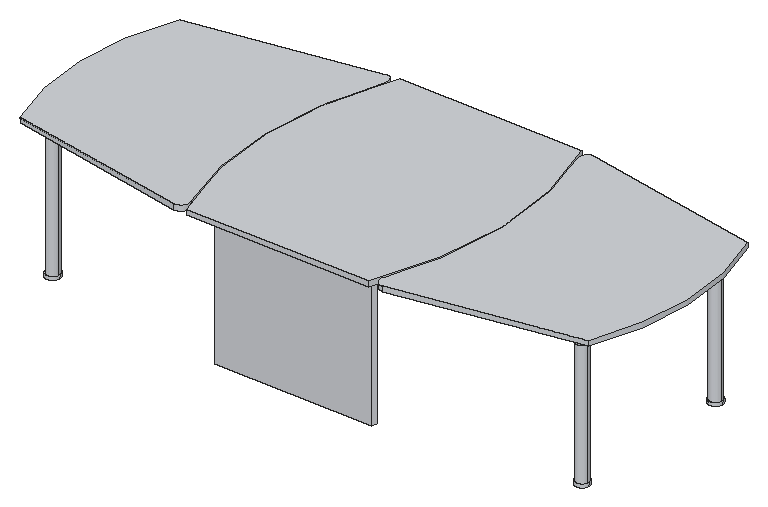
Revit family
Parameters (values of type "3100 x 1400")
  Table Material = none
  Model = "Meeting Table"
  Manufacturer = "Revit"
  Leg Material = none
  Description = "Table"
  Center Table Material = none
  Assembly Code = "E2020200"
Reference planes
  plane 1: z = 0
  plane 2 "Center (Left/Right)": x = 0
  plane 3: y = -188.822
  plane 4: x = -1350
  plane 5: x = 1350
  plane 6: y = 235.834
  plane 7: y = -613.477
Forms (mm)
  Extrusion 1, solid, material <- "Table Material"
    sketch origin (0, 0, 0) x (1, 0, 0) y (0, 1, 0)
      loop
        arc (1450, -696.785) -> (1550, -188.822) -> (1450, 319.141) r 1340.133
        arc (1450, 319.141) -> (995.216, 421.551) -> (533.462, 485.575) r 5570.227
        arc (533.462, 485.575) -> (497.865, 470.067) -> (492.201, 431.654) r 40
        arc (492.201, 431.654) -> (605.223, -188.822) -> (492.201, -809.297) r 1759.677
        arc (492.201, -809.297) -> (497.865, -847.71) -> (533.462, -863.218) r 40
        arc (533.462, -863.218) -> (995.216, -799.194) -> (1450, -696.785) r 5570.227
      loop
        arc (-1450, -696.785) -> (-995.216, -799.194) -> (-533.462, -863.218) r 5570.227
        arc (-533.462, -863.218) -> (-497.865, -847.71) -> (-492.201, -809.297) r 40
        arc (-492.201, -809.297) -> (-605.223, -188.822) -> (-492.201, 431.654) r 1759.677
        arc (-492.201, 431.654) -> (-497.865, 470.067) -> (-533.462, 485.575) r 40
        arc (-533.462, 485.575) -> (-995.216, 421.551) -> (-1450, 319.141) r 5570.227
        arc (-1450, 319.141) -> (-1550, -188.822) -> (-1450, -696.785) r 1340.133
    from 700 to 725
  Extrusion 2, solid, material <- "Center Table Material"
    sketch origin (0, 0, 0) x (1, 0, 0) y (0, 1, 0)
      loop
        arc (465.04, 491.732) -> (0, 511.178) -> (-465.04, 491.732) r 5570.227
        arc (-465.04, 491.732) -> (-602.223, -188.822) -> (-465.04, -869.375) r 1756.677
        arc (-465.04, -869.375) -> (0, -888.822) -> (465.04, -869.375) r 5570.227
        arc (465.04, -869.375) -> (602.223, -188.822) -> (465.04, 491.732) r 1756.677
    from 700 to 725
  Extrusion 3, solid, material <- "Center Table Material"
    sketch origin (0, 0, 0) x (1, 0, 0) y (0, 1, 0)
      loop
        arc (-408.354, -747.531) -> (-404.626, -757.851) -> (-400.83, -768.146) r 1659.677
        arc (-400.83, -768.146) -> (0, -782.868) -> (400.83, -768.146) r 5464.273
        arc (400.83, -768.146) -> (404.626, -757.851) -> (408.354, -747.531) r 1659.677
        arc (408.354, -747.531) -> (0, -762.868) -> (-408.354, -747.531) r 5444.273
      loop
        arc (408.354, 369.888) -> (404.626, 380.208) -> (400.83, 390.503) r 1659.677
        arc (400.83, 390.503) -> (0, 405.224) -> (-400.83, 390.503) r 5464.273
        arc (-400.83, 390.503) -> (-404.626, 380.208) -> (-408.354, 369.888) r 1659.677
        arc (-408.354, 369.888) -> (0, 385.224) -> (408.354, 369.888) r 5444.273
    from 0 to 700
Lines and regions (mm)
  symbolic lines
    curve 1: arc (-533.462, 485.575, 0) -> (-995.216, 421.551, 0) -> (-1450, 319.141, 0) r 5570.227
    curve 2: arc (-1450, 319.141, 0) -> (-1550, -188.822, 0) -> (-1450, -696.785, 0) r 1340.133
    curve 3: arc (-1450, -696.785, 0) -> (-995.216, -799.194, 0) -> (-533.462, -863.218, 0) r 5570.227
    curve 4: arc (-533.462, -863.218, 0) -> (-497.865, -847.71, 0) -> (-492.201, -809.297, 0) r 40
    curve 5: arc (-492.201, -809.297, 0) -> (-605.223, -188.822, 0) -> (-492.201, 431.654, 0) r 1759.677
    curve 6: arc (-492.201, 431.654, 0) -> (-497.865, 470.067, 0) -> (-533.462, 485.575, 0) r 40
    curve 7: arc (1450, 319.141, 0) -> (995.216, 421.551, 0) -> (533.462, 485.575, 0) r 5570.227
    curve 8: arc (533.462, 485.575, 0) -> (497.865, 470.067, 0) -> (492.201, 431.654, 0) r 40
    curve 9: arc (492.201, 431.654, 0) -> (605.223, -188.822, 0) -> (492.201, -809.297, 0) r 1759.677
    curve 10: arc (492.201, -809.297, 0) -> (497.865, -847.71, 0) -> (533.462, -863.218, 0) r 40
    curve 11: arc (533.462, -863.218, 0) -> (995.216, -799.194, 0) -> (1450, -696.785, 0) r 5570.227
    curve 12: arc (1450, -696.785, 0) -> (1550, -188.822, 0) -> (1450, 319.141, 0) r 1340.133
    curve 13: arc (465.04, 491.732, 0) -> (0, 511.178, 0) -> (-465.04, 491.732, 0) r 5570.227
    curve 14: arc (-465.04, 491.732, 0) -> (-602.223, -188.822, 0) -> (-465.04, -869.375, 0) r 1756.677
    curve 15: arc (-465.04, -869.375, 0) -> (0, -888.822, 0) -> (465.04, -869.375, 0) r 5570.227
    curve 16: arc (465.04, -869.375, 0) -> (602.223, -188.822, 0) -> (465.04, 491.732, 0) r 1756.677
    curve 17: line (0, -128.822, 0) -> (0, -248.822, 0)
    curve 18: line (-60, -188.822, 0) -> (60, -188.822, 0)
Dimensions and locks
  aligned and locked: Extrusion 1 to nested 1
  aligned and locked: Extrusion 1 to Extrusion 2  (x2)
Nested families
  nested 1: "Leg" at (-1350, -613.477, 0), type "Height 700mm"
  nested 2: "Leg" at (-1350, 235.834, 0), type "Height 700mm"
  nested 3: "Leg" at (1350, -613.477, 0) x (-1, 0, 0) z (0, 0, 1), type "Height 700mm"
  nested 4: "Leg" at (1350, 235.834, 0) x (-1, 0, 0) z (0, 0, 1), type "Height 700mm"
Definition of nested family "Leg"
  Parameters (values of type "Height 700mm")
    Model = "Abacus"
    Manufacturer = "LM"
    Leg Material = none
    Description = "Table Leg"
    Assembly Code = "E2020200"
  Reference planes
    plane 1 "Center (Front/Back)": y = 0
    plane 2: z = 0
    plane 3 "Center (Left/Right)": x = 0
  Forms (mm)
    Revolve 1, solid, material <- "Leg Material"
      sketch origin (0, 0, 0) x (1, 0, 0) y (0, 0, 1)
        loop
          line (0, 15) -> (0, 700) -> (-43, 700) -> (-33, 650) -> (-30, 650) -> (-30, 15) -> (0, 15)
        axis (0, 15) -> (0, 700)
      angle from 0 to 360
    Extrusion 2, solid, material <- "Leg Material"
      sketch origin (0, 0, 0) x (1, 0, 0) y (0, 1, 0)
        loop
          circle (0, 0) r 35
      from 0 to 15
  Dimensions and locks
    aligned and locked: plane 3 "Center (Left/Right)" to Revolve 1 sketch curve
    aligned and locked: Revolve 1 to Extrusion 2
